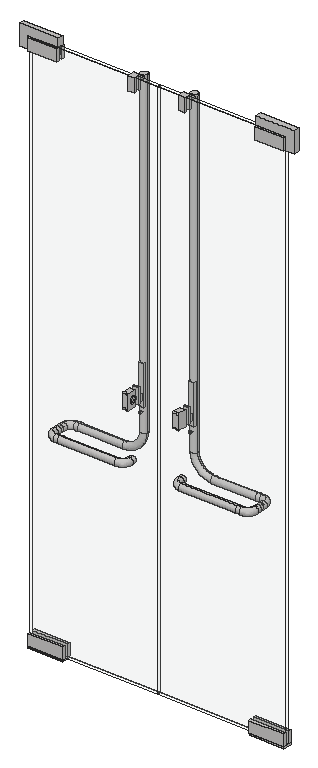
Revit family "Doors_Swing_Avanti_Systems_Pivot-Frameless-Pair-Swing-Door-Dbl-Glazed", category Doors, Revit 2015
Parameters (values of type "Load Family Type Catalog")
  Youtube clip = ""
  Weight Net (Kg) = "0"
  Warranty = "1 year"  # constant formula
  Uniformat II Description = "Interior Doors"
  Uniformat II Code = "C1020"
  Uniclass 2015 Name = "Doors and windows"
  Uniclass 2015 Code = "EF_25_30"
  Uniclass 2.0 Description = ""
  Uniclass 2.0 Code = ""
  Uniclass 1.4 Description = "Doors"
  Uniclass 1.4 Code = "JL20"
  URL = "https://www.avantisystemsusa.com"
  UNSPSC Code = "30171504"
  Type = 2
  Thickness = if(Type = 1, 1/2", if(Type = 2, 3/4", if(Type = 3, 3/8", if(Type = 4, 7/16", 9/16"))))  # 3/4"
  Technical description = ""
  Sound Rating = 0
  Region South America = "All"
  Region Oceania = "All"
  Region North America = "All"
  Region Middle East = "All"
  Region Europe = "All"
  Region Asia = "All"
  Region Antarctica = "All"
  Region Africa = "All"
  Recessed Floor Closer [instance] = yes
  QR code = "http://bimobject.com/avantisystems/product/avanti-pivot-frameless-swing-door"
  Product url = "https://www.avantisystemsusa.com/glass-products/doors/pivot-doors-hinged-doors/single-glazed-frameless/"
  Product group = "Pivot Frameless Swing"
  Product family = "Pivot & Hinged Doors"
  Product data url = "https://bimobject.com/avantisystems/product/avanti-pivot-frameless-swing-door"
  Product certification = ""
  Product SKU = "avanti-pivot-frameless-swing-door"
  Product Guid = "3a11851e-372f-40ff-a97e-0ea9b5931639"
  Power = 110 V  # constant formula
  Panel Width [instance] = (Opening Width / 2) - 93/128"  # 23.65513"
  Opening Width [instance] = 48.76338"
  OmniClass Description = "Wood Doors"
  OmniClass Code = "23-17 11 15"
  Nominal width = 0"
  Nominal height = 0"
  NBS Reference Description = ""
  NBS Reference Code = ""
  Model = "Pivot Frameless Swing Door"  # constant formula
  Material secondary = "Aluminium"
  Material main = "Glass"
  Masterformat 2014 Description = "Wood Doors"
  Masterformat 2014 Code = "08 14 00"
  Manufacturer name = "Avanti Systems"
  Manufacturer country = ""
  Manufacturer = "Avanti Systems USA"  # constant formula
  Lock = "Thumb turn floor lock with a key"
  Ladder Pull Height [instance] = 18"
  LEED compatibility = "YES"
  Installation instructions = ""
  IFC Classification = "Door"
  Height [instance] = 103 3/8"
  Hardware material [instance] = Stainless Steel - Avanti- Brushed Finish
  Handle type [instance] = Handle : Panic Device
  Handle Height [instance] = Height  # 103 3/8"
  Glazing = "Safety Glazing SGCC"
  Glass Width [instance] = 48.38838"
  Glass Material = Glass - Avanti -  Clear Tempered
  Glass Marker = yes
  Glass Height [instance] = 103"
  Function = Interior
  Edition number = 1
  EAN code = ""
  Design country = "United States"
  Description = "The Pivot Frameless Glass Swing Door is our luxury glass door solution that is completely customizable and is compatible with every partition system we offer as well as solid traditional walls."  # constant formula
  Date of publishing = ""
  Clear Anodic Finish = "available"  # constant formula
  COBIe Type Category = ""
  Brand url = "http://www.avantisystemsusa.com/"
  BIMobject main category code = "doors"
  BIMobject main category = "Doors"
  BIMobject category code = "doors-swing"
  BIMobject category = "Swing"
  Analytic Construction = "<None>"
  Acoustic performance (dB) = 43  # constant formula
Reference planes (in)
  plane 1 "Center (Front/Back)": y = 0
  plane 2: z = 0
  plane 3 "Center (Left/Right)": x = 3.24894
  plane 4: x = -21.13275
  plane 5: x = 27.63063
  plane 6 "Top": z = 103.375
  plane 7 "Curtain_wall_center": y = 1.30859
  plane 8 "Curtain_wall_exterior": y = 1.68359
  plane 9 "Curtain_wall_interior": y = 0.93359
  plane 10 "Handle_placement_level": x = 0.74894
  plane 11: z = 1.5625
  plane 12: x = 29.19313
  plane 13: x = -22.69525
  plane 14: x = 5.74894
  plane 15: x = 3.24894
  plane 16: z = 103.1875
  plane 17: x = 27.44313
  plane 18: x = -20.94525
  plane 19: z = 0.1875
  plane 20: x = 15.34604
  plane 21: x = -8.84815
  plane 22: z = 51.6875
Forms (in)
  Extrusion 1, solid, material "Glass - Avanti -  Clear Tempered" <- "Glass Material"
    sketch origin (0, -1.125, 0) x (1, 0, 0) y (0, 1, 0)
      loop
        line (-20.94525, 2.80859) -> (-20.94525, 2.05859) -> (3.24894, 2.05859) -> (3.24894, 2.80859) -> (-20.94525, 2.80859)
    from 0.1875 to 103.1875
  Extrusion 2, solid, material "Glass - Avanti -  Clear Tempered" <- "Glass Material"
    sketch origin (6.49788, -2.54297, 0) x (-1, 0, 0) y (0, -1, 0)
      loop
        line (-20.94525, -4.22656) -> (3.24894, -4.22656) -> (3.24894, -3.47656) -> (-20.94525, -3.47656) -> (-20.94525, -4.22656)
    from 0.1875 to 103.1875
Lines and regions (in)
  Masking region 1
    outline origin (3.24894, 0, 0) x (0, 1, 0) y (0, 0, 1)
      loop
        line (1.68359, 103.1875) -> (0.93359, 103.1875) -> (0.93359, 0.1875) -> (1.68359, 0.1875) -> (1.68359, 103.1875)
  symbolic lines, style "0", not visible
    curve 1: circle (20.74894, 4.89891, 0) r 0.39445 normal (0, 0, 1)
    curve 2: line (20.43894, 4.65501, 0) -> (20.43894, 2.625, 0)
    curve 3: line (21.06195, 4.65887, 0) -> (21.06195, 2.625, 0)
    curve 4: circle (20.74894, -0.14891, 0) r 0.39445 normal (0, 0, -1)
    curve 5: line (20.43894, 0.09499, 0) -> (20.43894, 2.125, 0)
    curve 6: line (21.06195, 0.09113, 0) -> (21.06195, 2.125, 0)
  symbolic lines, style "0"
    curve 7: line (-21.13275, 0.93359, 0) -> (27.63063, 0.93359, 0)
    curve 8: line (27.63063, 0.93359, 0) -> (27.63063, 1.68359, 0)
    curve 9: line (-21.13275, 1.68359, 0) -> (27.63063, 1.68359, 0)
    curve 10: line (3.24894, 1.68359, 103.375) -> (3.24894, 0.93359, 103.375)
    curve 11: line (3.24894, 1.68359, 0.1875) -> (3.24894, 1.68359, 103.1875)
    curve 12: line (3.24894, 2.13853, 0) -> (3.24894, 1.84275, 0)
    curve 13: line (3.24894, 0.93359, 0.1875) -> (3.24894, 0.93359, 103.1875)
    curve 14: line (3.24894, 1.68359, 0.1875) -> (3.24894, 0.93359, 0.1875)
    curve 15: line (3.24894, 1.68359, 0) -> (3.24894, 0.93359, 0)
    curve 16: line (-21.13275, 1.68359, 0) -> (-21.13275, 0.93359, 0)
  symbolic lines, visible <- "Glass Marker"
    curve 17: line (12.51761, -0.24998, 48.85907) -> (18.17446, -0.24998, 54.51593)
    curve 18: line (15.34604, -0.24998, 49.83954) -> (17.19399, -0.24998, 51.6875)
    curve 19: line (13.49808, -0.24998, 51.6875) -> (15.34604, -0.24998, 53.53546)
    curve 27: line (-11.67658, -0.24998, 48.85907) -> (-6.01973, -0.24998, 54.51593)
    curve 28: line (-8.84815, -0.24998, 49.83954) -> (-7.0002, -0.24998, 51.6875)
    curve 29: line (-10.69611, -0.24998, 51.6875) -> (-8.84815, -0.24998, 53.53546)
  symbolic lines, not visible
    curve 20: line (13.49808, 0.25002, 51.6875) -> (17.19399, 0.25002, 51.6875)
    curve 25: line (-1.84534, 0.25002, 22.66367) -> (1.85057, 0.25002, 22.66367)
    curve 30: line (-10.69611, 0.25002, 51.6875) -> (-7.0002, 0.25002, 51.6875)
    curve 35: line (-1.84534, 0.25002, 22.66367) -> (1.85057, 0.25002, 22.66367)
  model lines, not visible
    curve 21: line (15.34604, 0.25002, 49.83954) -> (15.34604, 0.25002, 53.53546)
    curve 26: line (0.00262, 0.25002, 20.81572) -> (0.00262, 0.25002, 24.51163)
    curve 31: line (-8.84815, 0.25002, 49.83954) -> (-8.84815, 0.25002, 53.53546)
    curve 36: line (0.00262, 0.25002, 20.81572) -> (0.00262, 0.25002, 24.51163)
  symbolic lines, visible <- "Glass Marker", not visible
    curve 22: line (-2.82581, -0.24998, 19.83525) -> (2.83104, -0.24998, 25.4921)
    curve 23: line (0.00262, -0.24998, 20.81572) -> (1.85057, -0.24998, 22.66367)
    curve 24: line (-1.84534, -0.24998, 22.66367) -> (0.00262, -0.24998, 24.51163)
    curve 32: line (-2.82581, -0.24998, 19.83525) -> (2.83104, -0.24998, 25.4921)
    curve 33: line (0.00262, -0.24998, 20.81572) -> (1.85057, -0.24998, 22.66367)
    curve 34: line (-1.84534, -0.24998, 22.66367) -> (0.00262, -0.24998, 24.51163)
  symbolic lines, style "DoorsHiddenLines"
    curve 37: line (3.24894, 0, 103.1875) -> (-20.94525, 0, 51.6875)
    curve 38: line (-20.94525, 0, 51.6875) -> (3.24894, 0, 0.1875)
    curve 39: line (-20.21716, 1.30859, 0) -> (-20.21716, 24.96372, 0)
    curve 40: arc (-20.21716, 24.96372, 0) -> (-3.75562, 18.14513, 0) -> (3.06297, 1.68359, 0) r 23.28013
    curve 41: line (26.71504, 1.30859, 0) -> (26.71504, 24.96372, 0)
    curve 42: arc (26.71504, 24.96372, 0) -> (10.2535, 18.14513, 0) -> (3.43491, 1.68359, 0) r 23.28013
    curve 43: line (3.24894, 0, 103.1875) -> (27.44313, 0, 51.6875)
    curve 44: line (27.44313, 0, 51.6875) -> (3.24894, 0, 0.1875)
Text (in)
  text "Exterior" at (-45.72835, 31.38743, 0), in view "Ref. Level"
Dimensions and locks (in)
  equal spacing: plane 4, plane 3 "Center (Left/Right)", plane 5
  equal spacing: plane 8 "Curtain_wall_exterior", plane 7 "Curtain_wall_center", plane 9 "Curtain_wall_interior"
  "Thickness": plane 8 "Curtain_wall_exterior" to plane 9 "Curtain_wall_interior"
  "Opening Width": plane 4 to plane 5
  curve 11 to curve 13 = 3/4"
  Extrusion 1 to Extrusion 1 = 3/4"
  plane 11 to plane 2 = 1 9/16"
  plane 2 to plane 11 = 1 9/16"
  locked: plane 5 to plane 12 at 1.5625
  locked: plane 13 to plane 4 at 1.5625
  Extrusion 2 to Extrusion 2 = 3/4"
  equal spacing: plane 4, plane 15, plane 5
  locked: plane 14 to plane 15 at 2.5
  locked: plane 15 to plane 10 "Handle_placement_level" at 2.5
  nested 2 to plane 8 "Curtain_wall_exterior" = 1/8"
  nested 1 to plane 8 "Curtain_wall_exterior" = 1/8"
  "Height": plane 2 to plane 6 "Top"
  locked: plane 17 to plane 5 at 0.1875
  locked: plane 4 to plane 18 at 0.1875
  locked: plane 16 to plane 6 "Top" at 0.1875
  locked: plane 2 to plane 19 at 0.1875
  equal spacing: plane 15, plane 20, plane 17
  equal spacing: plane 15, plane 21, plane 18
  equal spacing: plane 19, plane 22, plane 16
  "Glass Width": plane 18 to plane 17
  "Glass Height": plane 19 to plane 16
  locked: plane 18 to curve 39 at 0.72809
  "Panel Width": plane 7 "Curtain_wall_center" to curve 39
  locked: curve 40 to plane 15 at 0.18597
  locked: curve 41 to plane 17 at 0.72809
  "Panel Width": plane 7 "Curtain_wall_center" to curve 41
  locked: plane 15 to curve 42 at 0.18597
  locked: plane 1 "Center (Front/Back)" to plane 7 "Curtain_wall_center" at 1.30859
  aligned and locked: level to plane 2
  aligned and locked: curve 8 to plane 5
  aligned and locked: nested 1 to plane 5
  aligned and locked: nested 2 to plane 4
  aligned and locked: Extrusion 2 to plane 15
  aligned and locked: plane 15 to Extrusion 1
  aligned and locked: curve 15 to plane 15
  aligned and locked: plane 8 "Curtain_wall_exterior" to curve 15
  aligned and locked: plane 4 to curve 9
  aligned and locked: plane 9 "Curtain_wall_interior" to curve 16
  aligned and locked: nested 2 to plane 6 "Top"
  aligned and locked: plane 6 "Top" to nested 1
  aligned and locked: plane 9 "Curtain_wall_interior" to curve 15
  aligned and locked: nested 5 to plane 2
  aligned and locked: Extrusion 2 to plane 16
  aligned and locked: Extrusion 2 to plane 17
  aligned and locked: Extrusion 2 to plane 19
  aligned and locked: Extrusion 1 to plane 19
  aligned and locked: plane 18 to Extrusion 1
  aligned and locked: Extrusion 1 to plane 16
  aligned and locked: plane 16 to nested 3
  aligned and locked: nested 4 to plane 16
  aligned and locked: plane 16 to nested 7
  aligned and locked: plane 17 to nested 7
  aligned and locked: plane 18 to nested 8
  aligned and locked: nested 8 to plane 16
  aligned and locked: plane 17 to nested 5
  aligned and locked: plane 22 to curve 20
  aligned and locked: plane 20 to curve 21
  aligned and locked: plane 22 to curve 30
  aligned and locked: plane 21 to curve 31
  aligned and locked: curve 14 to plane 19
  aligned and locked: plane 2 to nested 6
  aligned and locked: plane 18 to nested 6  (x2)
  aligned and locked: plane 16 to curve 37
  aligned and locked: plane 19 to curve 38
  aligned and locked: plane 19 to nested 5
  aligned and locked: plane 22 to curve 38
  aligned and locked: Masking region 1 sketch curve to plane 8 "Curtain_wall_exterior"
  aligned and locked: Masking region 1 sketch curve to plane 9 "Curtain_wall_interior"
  aligned and locked: plane 16 to Masking region 1 sketch curve
  aligned and locked: plane 19 to Masking region 1 sketch curve
  aligned and locked: plane 16 to curve 11
  aligned and locked: plane 16 to curve 13
  aligned and locked: plane 7 "Curtain_wall_center" to curve 39
  aligned and locked: curve 39 to curve 40
  aligned and locked: plane 7 "Curtain_wall_center" to curve 41
  aligned and locked: curve 41 to curve 42
  aligned and locked: plane 7 "Curtain_wall_center" to nested 1
  aligned and locked: plane 15 to curve 37
  aligned and locked: plane 18 to curve 37
  aligned and locked: plane 15 to curve 44
  aligned and locked: plane 17 to curve 43
  aligned and locked: nested 3 to plane 14
  aligned and locked: plane 10 "Handle_placement_level" to nested 4
  aligned and locked: plane 17 to nested 10
  aligned and locked: plane 2 to nested 10
  aligned and locked: plane 18 to nested 9
  aligned and locked: nested 9 to plane 2
  aligned and locked: nested 11 to plane 7 "Curtain_wall_center"
  aligned and locked: nested 11 to plane 2
  aligned and locked: plane 7 "Curtain_wall_center" to nested 2
Automatic sketch dimensions
  curve 13 to plane 9 "Curtain_wall_interior" = 0"
  plane 6 "Top" to curve 10 = 0"
  curve 10 to plane 9 "Curtain_wall_interior" = 0"
  curve 11 to plane 8 "Curtain_wall_exterior" = 0"
  curve 12 to level = 0"
  plane 8 "Curtain_wall_exterior" to curve 12 = 0.15916"
  curve 12 to curve 12 = 0.29578"
  curve 10 to plane 8 "Curtain_wall_exterior" = 0"
  Extrusion 1 sketch curve to plane 9 "Curtain_wall_interior" = 0"
  Extrusion 1 sketch curve to plane 18 = 0"
  Extrusion 1 sketch curve to plane 3 "Center (Left/Right)" = 0"
  Extrusion 1 sketch curve to plane 8 "Curtain_wall_exterior" = 0"
  Extrusion 2 sketch curve to plane 9 "Curtain_wall_interior" = 0"
  Extrusion 2 sketch curve to plane 17 = 0"
  plane 3 "Center (Left/Right)" to Extrusion 2 sketch curve = 0"
  Extrusion 2 sketch curve to plane 8 "Curtain_wall_exterior" = 0"
  curve 44 to plane 22 = 0"
Nested families (in)
  nested 1: "Pivot Door Top Free Swing Patch Fitting" at (18.12971, 0.80859, 103.375) x (-1, 0, 0) z (0, 1, 0), type "Pivot Door Top Free Swing Patch Fitting"
  nested 2: "Pivot Door Top Free Swing Patch Fitting" at (-11.63183, 0.80859, 103.375) x (1, 0, 0) z (0, 1, 0), type "Pivot Door Top Free Swing Patch Fitting"
  nested 3: "Handle" at (7.37394, 3.05859, 37.8125) x (-1, 0, 0) z (0, 1, 0), type <- "Handle type", type "Panic Device", detail levels medium+fine
    with Locker yes, Width 23.65513", Thickness 3/4", Height 103 3/8"
  nested 4: "Handle" at (-0.87606, 3.05859, 37.8125) x (1, 0, 0) z (0, 1, 0), type <- "Handle type", type "Panic Device", detail levels medium+fine
    with Locker yes, Width 23.65513", Thickness 3/4", Height 103 3/8"
  nested 5: "Pivot Door Bottom Free Swing Pivot Option" at (27.44313, 1.68359, 0) x (-1, 0, 0) z (0, 1, 0), Glass Thickness Control <- "Thickness", Product Material <- "Hardware material", Recessed Floor Closer <- "Recessed Floor Closer", type "Glass Thickness 8.0 mm"
    with Recessed Floor Closer yes, Product Material Stainless Steel - Avanti- Brushed Finish, Glass Thickness Control 3/4"
  nested 6: "Pivot Door Bottom Free Swing Pivot Option" at (-20.94525, 1.68359, 0) x (1, 0, 0) z (0, 1, 0), Glass Thickness Control <- "Thickness", Product Material <- "Hardware material", Recessed Floor Closer <- "Recessed Floor Closer", type "Glass Thickness 8.0 mm"
    with Recessed Floor Closer yes, Product Material Stainless Steel - Avanti- Brushed Finish, Glass Thickness Control 3/4"
  nested 7: "Pivot Door Top Free Swing Pivot" at (27.44313, 1.68359, 100.87254) x (-1, 0, 0) z (0, 1, 0), Glass Thickness Control <- "Thickness", Product Material <- "Hardware material", type "Glass Thickness 8.0 mm"
    with Product Material Stainless Steel - Avanti- Brushed Finish, Glass Thickness Control 3/4"
  nested 8: "Pivot Door Top Free Swing Pivot" at (-20.94525, 1.68359, 100.87254) x (1, 0, 0) z (0, 1, 0), Glass Thickness Control <- "Thickness", Product Material <- "Hardware material", type "Glass Thickness 8.0 mm"
    with Product Material Stainless Steel - Avanti- Brushed Finish, Glass Thickness Control 3/4"
  nested 9: "Recessed Floor Closer - Elevation" at (-18.87315, 0, 0.11624) x (1, 0, 0) z (0, -1, 0), visible <- "Recessed Floor Closer", type "Recessed Floor Closer - Elevation"
  nested 10: "Recessed Floor Closer - Elevation" at (25.37103, 0, 0.11624) x (-1, 0, 0) z (0, -1, 0), visible <- "Recessed Floor Closer", type "Recessed Floor Closer - Elevation"
  nested 11: "Recessed Floor Closer - Section" at (3.24894, 1.30859, 0) x (0, 1, 0) z (1, 0, 0), visible <- "Recessed Floor Closer", type "Recessed Floor Closer - Section"
Definition of nested family "Pivot Door Top Free Swing Patch Fitting"
  Parameters (values of type "Pivot Door Top Free Swing Patch Fitting")
    Material = none
    Default Elevation = 48"
  Reference planes (in)
    plane 1 "Center (Front/Back)": y = 0
    plane 2: z = 0
    plane 3 "Center (Left/Right)": x = 0
  Forms (in)
    Extrusion 1, solid, material <- "Material"
      sketch origin (5.75014, 73, 1.91797) x (0, -1, 0) y (1, 0, 0)
        loop
          line (73, -9.56356) -> (73, -15.25106) -> (70.64844, -15.25106) -> (70.64844, -16.81356) -> (74.5625, -16.81356) -> (74.5625, -9.56356) -> (73, -9.56356)
      from -1.91797 to -0.91797
  Lines and regions (in)
    reference lines
      curve 1: line (0, 2.35156, 0.5) -> (0, -5.14844, 0.5)
  Dimensions and locks (in)
    aligned and locked: level to plane 2
Definition of nested family "Handle"
  Parameters (values of type "48" Ladder Pull")
    Width = 54.28299"
    Type = 3
    Ladder Pool Height = 18"
    Ladder 60" = if(Type = 5, 1 = 1, 1 = 0)  # no
    Ladder = if(Type = 3, 1 = 1, 1 = 0)  # yes
    Thickness = 1/2"
    Panic hardware = if(Type = 4, 1 = 1, 1 = 0)  # no
    Material = none
    Locker [instance] = yes
    Height = 90 9/16"
    Glass door = if(Type = 2, 1 = 1, 1 = 0)  # no
    Framed door = if(Type = 1, 1 = 1, 1 = 0)  # no
    Default Elevation = 48"
  Types (3): name | Width | Type | Ladder 60" | Ladder | Panic hardware
    60" Ladder Pull | 54.28299" | 5 | yes | no | no
    Panic Device | 26.41493" | 4 | no | no | yes
    48" Ladder Pull | 54.28299" | 3 | no | yes | no
  Reference planes (in)
    plane 1 "Center (Front/Back)": y = 0
    plane 2: z = 0
    plane 3 "Center (Left/Right)": x = 0
    plane 4 "door_up": z = -1.375
    plane 5 "door_down": z = -1.875
    plane 6: z = -3.25
    plane 7: x = -1.25
    plane 8: x = -43.31449
    plane 9: x = -46.03299
    plane 10: x = -43.31449
    plane 11: y = 51.9375
    plane 12: y = 0.625
    plane 13: y = 11.125
    plane 14: y = 52.5625
    plane 15: y = -38
    plane 16: x = -50.15799
    plane 17 "door": x = 4.125
    plane 18: x = 1.625
    plane 19: y = -20
  Forms (in)
    Sweep 1, solid, material <- "Material", visible <- "Panic hardware"
      path origin (0, 0, 0) x (1, 0, 0) y (0, 1, 0)
        loop
          line (-1.25, 51.9375) -> (-1.25, 4.25)
          arc (-1.25, 4.25) -> (-2.12868, 2.12868) -> (-4.25, 1.25) r 3
          line (-4.25, 1.25) -> (-43.31449, 1.25)
      profile origin (-1.25, 28.09375, 0) x (1, 0, 0) y (0, 0, 1)
        loop
          circle (0.625, 0.625) r 0.625
    Sweep 2, solid, material <- "Material", visible <- "Panic hardware"
      path origin (0, 0, 0) x (1, 0, 0) y (0, 0, 1)
        loop
          line (-43.31449, 0) -> (-44.06449, 0)
          arc (-44.06449, 0) -> (-44.57255, -0.21044) -> (-44.78299, -0.7185) r 0.7185
          line (-44.78299, -0.7185) -> (-44.78299, -1.375)
      profile origin (-43.68949, 0, 0) x (0, 0, -1) y (0, -1, 0)
        loop
          circle (-0.625, -0.625) r 0.625
    Sweep 3, solid, material <- "Material", visible <- "Panic hardware"
      path origin (0, 0, -6.75) x (1, 0, 0) y (0, 0, -1)
        loop
          line (-43.31449, -3.5) -> (-44.06449, -3.5)
          arc (-44.06449, -3.5) -> (-44.57255, -3.71044) -> (-44.78299, -4.2185) r 0.7185
          line (-44.78299, -4.2185) -> (-44.78299, -4.875)
      profile origin (-43.68949, 0, -3.25) x (0, 0, -1) y (0, -1, 0)
        loop
          circle (0.625, -0.625) r 0.625
    Sweep 4, solid, material <- "Material", visible <- "Panic hardware"
      path origin (-30, 0, -6.75) x (-1, 0, 0) y (0, 0, -1)
        loop
          line (13.31449, -3.5) -> (-28.0315, -3.5)
          arc (-28.0315, -3.5) -> (-28.53956, -3.71044) -> (-28.75, -4.2185) r 0.7185
          line (-28.75, -4.2185) -> (-28.75, -4.875)
      profile origin (-22.6415, 0, -3.25) x (0, 0, 1) y (0, -1, 0)
        loop
          circle (-0.625, -0.625) r 0.625
  Cuts and joins
    joined: Sweep 1, Sweep 2
    joined: Sweep 3, Sweep 4
  Dimensions and locks (in)
    "Thickness": plane 5 "door_down" to plane 4 "door_up"
    locked: plane 3 "Center (Left/Right)" to plane 7 at 1.25
    locked: plane 9 to plane 8 at 2.7185
    locked: plane 9 to Sweep 3 sketch curve at 1.25
    locked: Sweep 2 sketch curve to plane 9 at 1.25
    locked: plane 10 to plane 9 at 2.7185
    locked: Sweep 1 sketch curve to plane 1 "Center (Front/Back)" at 1.25
    locked: plane 3 "Center (Left/Right)" to nested 1 at 0.125
    locked: plane 4 "door_up" to plane 2 at 1.375
    locked: plane 6 to plane 5 "door_down" at 1.375
    locked: plane 12 to plane 1 "Center (Front/Back)" at 0.625
    locked: plane 13 to plane 12 at 10.5
    locked: plane 14 to plane 11 at 0.625
    "Height": plane 14 to plane 15
    locked: plane 1 "Center (Front/Back)" to plane 15 at 38
    locked: plane 3 "Center (Left/Right)" to plane 17 "door" at 4.125
    "Width": plane 16 to plane 17 "door"
    locked: plane 16 to plane 10 at 6.8435
    locked: plane 18 to plane 17 "door" at 2.5
    "Ladder Pool Height": plane 19 to plane 15
    aligned and locked: level to plane 2
    aligned and locked: plane 4 "door_up" to cut or joined group of Sweep 1, Sweep 2
    aligned and locked: Sweep 2 sketch curve to plane 4 "door_up"
    aligned and locked: Sweep 3 sketch curve to plane 5 "door_down"
    aligned and locked: plane 6 to Sweep 3 sketch curve
    aligned and locked: plane 7 to Sweep 4 sketch curve
    aligned and locked: Sweep 4 sketch curve to plane 6
    aligned and locked: plane 8 to Sweep 4 sketch curve
    aligned and locked: plane 8 to Sweep 3 sketch curve
    aligned and locked: plane 10 to Sweep 2 sketch curve
    aligned and locked: plane 10 to Sweep 1 sketch curve
    aligned and locked: plane 11 to Sweep 1 sketch curve
    aligned and locked: plane 5 "door_down" to Sweep 4 sketch curve
    aligned and locked: nested 1 to plane 4 "door_up"
    aligned and locked: plane 13 to nested 1
    aligned and locked: nested 2 to plane 4 "door_up"
    aligned and locked: plane 3 "Center (Left/Right)" to nested 2
    aligned and locked: nested 2 to plane 11
    aligned and locked: nested 2 to plane 14
    aligned and locked: plane 18 to nested 3
    aligned and locked: plane 1 "Center (Front/Back)" to nested 3
    aligned and locked: nested 4 to plane 18
    aligned and locked: nested 4 to plane 1 "Center (Front/Back)"
    aligned and locked: nested 5 to plane 4 "door_up"
    aligned and locked: nested 5 to plane 17 "door"
    aligned and locked: nested 5 to plane 1 "Center (Front/Back)"
    aligned and locked: nested 6 to plane 4 "door_up"
    aligned and locked: plane 5 "door_down" to nested 7
    aligned and locked: nested 7 to plane 19
    aligned and locked: plane 19 to nested 6
    aligned and locked: nested 6 to plane 18
    aligned and locked: nested 7 to plane 18
    aligned and locked: plane 4 "door_up" to nested 8
    aligned and locked: plane 15 to nested 8
    aligned and locked: plane 5 "door_down" to nested 9
    aligned and locked: nested 9 to plane 15
    aligned and locked: plane 18 to nested 8
    aligned and locked: plane 18 to nested 9
  Nested families (in)
    nested 1: "Family2" at (-1.125, 11.125, 0.22234), visible <- "Panic hardware", type "Family2"
      with Lock yes
    nested 2: "Family3" at (-0.26102, 51.9375, -1.63602), visible <- "Panic hardware", type "Family3"
      with Thickness 1/2"
    nested 3: "Handle Timber" at (1.625, 0, -1.875), Locker <- "Locker", visible <- "Framed door", type "Handle Timber"
      with Locker yes
    nested 4: "Handle Timber" at (1.625, 0, -1.375) x (1, 0, 0) z (0, 0, -1), Locker <- "Locker", visible <- "Framed door", type "Handle Timber"
      with Locker yes
    nested 5: "Hinged Framed Swing locker" at (3.22214, -1.5625, -5.625), Handle and assembly material <- "Material", visible <- "Glass door", type "Hinged Framed Swing locker"
      with Handle and assembly material none
    nested 6: "Handle_For-Glass_Rounded_600mm" at (1.625, 13.36577, -1.375) x (-1, 0, 0) z (0, 0, -1), Handle Material <- "Material", visible <- "Ladder", type "Handle_For-Glass_Rounded_600mm"
      with Handle Material none, Handle Height 48"
    nested 7: "Handle_For-Glass_Rounded_600mm" at (1.625, -5.36577, -1.875) x (-1, 0, 0) z (0, 0, 1), Handle Material <- "Material", visible <- "Ladder", type "Handle_For-Glass_Rounded_600mm"
      with Handle Material none, Handle Height 48"
    nested 8: "Handle_For-Glass_Rounded_60in" at (1.625, 2.47039, -1.375), visible <- "Ladder 60"", Handle Material <- "Material", type "60""
      with No locker yes, Locker no, Handle Material none, Handle Height 60"
    nested 9: "Handle_For-Glass_Rounded_60in2" at (1.625, 2.47039, -1.875), visible <- "Ladder 60"", Handle Material <- "Material", type "60""
      with No locker no, Locker yes, Handle Material none, Handle Height 60"
  Definition of nested family "Family2"
    Parameters (values of type "Family2")
      Thickness = 1/2"
      Material = none
      Lock = no
    Reference planes (in)
      plane 1 "Center (Front/Back)": y = 0
      plane 2: z = 0
      plane 3 "Center (Left/Right)": x = 0
      plane 4: z = -2.09734
      plane 5: z = -1.59734
    Forms (in)
      Extrusion 1, solid, material <- "Material"
        sketch origin (0, 0, 0) x (0, 1, 0) y (0, 0, 1)
          loop
            line (5.04078, -0.345) -> (5.04078, 0) -> (-2.39922, 0) -> (-2.39922, -0.345) -> (5.04078, -0.345)
        from 0 to 1
      Extrusion 2, solid, material <- "Material"
        sketch origin (0, 0, 0) x (0, 1, 0) y (0, 0, 1)
          loop
            line (-0.3074, -0.345) -> (-1.4374, -0.345) -> (-1.4374, -1.31734) -> (-0.3074, -1.31734) -> (-0.3074, -0.345)
        from 0.32565 to 0.66353
      Extrusion 3, solid, material <- "Material"
        sketch origin (0, 0, 0) x (0, 1, 0) y (0, 0, 1)
          loop
            line (-1.4374, -1.31734) -> (-1.4374, -1.59734) -> (1.43807, -1.59734) -> (1.43807, -1.31734) -> (-1.4374, -1.31734)
          loop
            line (1.45803, -2.09734) -> (-1.41697, -2.09734) -> (-1.41697, -3.82961)
            arc (-1.41697, -3.82961) -> (-1.36191, -3.96254) -> (-1.22897, -4.01761) r 0.188
            line (-1.22897, -4.01761) -> (1.27003, -4.01761)
            arc (1.27003, -4.01761) -> (1.40297, -3.96254) -> (1.45803, -3.82961) r 0.188
            line (1.45803, -3.82961) -> (1.45803, -2.09734)
        from 0 to 1
      Extrusion 4, solid, material <- "Material"
        sketch origin (0, 0, 0) x (0, 1, 0) y (0, 0, 1)
          loop
            arc (-3.2641, -0.65221) -> (-3.242, -0.64306) -> (-3.23285, -0.62096) r 0.03125
            line (-3.23285, -0.62096) -> (-3.23285, 0) -> (-3.4516, 0) -> (-3.4516, -0.62096)
            arc (-3.4516, -0.62096) -> (-3.44244, -0.64306) -> (-3.42035, -0.65221) r 0.03125
            line (-3.42035, -0.65221) -> (-3.2641, -0.65221)
        from 0.32565 to 0.66353
      Extrusion 5, solid, material <- "Material", visible <- "Lock"
        sketch origin (1, 0, 0) x (0, 1, 0) y (0, 0, 1)
          loop
            circle (0.20853, -3.12734) r 0.58
          loop
            circle (0.20853, -3.12734) r 0.5625
          loop
            circle (-0.07272, -3.12734) r 0.22671
        from 0 to 0.25
      Extrusion 6, solid, material <- "Material", visible <- "Lock"
        sketch origin (1, 0, 0) x (0, 1, 0) y (0, 0, 1)
          loop
            circle (0.20853, -3.12734) r 0.5625
        from 0 to 0.20472
      Extrusion 7, solid, material <- "Material", visible <- "Lock", not visible
        sketch origin (1, 0, 0) x (0, 1, 0) y (0, 0, 1)
          loop
            circle (0.20853, -3.12734) r 0.58
          loop
            circle (0.20853, -3.12734) r 0.5625
          loop
            circle (-0.07272, -3.12734) r 0.22671
        from 0 to 0.25
      Extrusion 8, solid, material <- "Material", visible <- "Lock", not visible
        sketch origin (1, 0, 0) x (0, 1, 0) y (0, 0, 1)
          loop
            circle (0.20853, -3.12734) r 0.5625
        from 0 to 0.20472
    Lines and regions (in)
      model lines, not visible
        curve 1: line (0, -0.35397, -3.12734) -> (0, 0.39603, -3.12734)
        curve 2: line (0, -0.35397, -3.12734) -> (0, 0.39603, -3.12734)
    Dimensions and locks (in)
      "Thickness": plane 4 to plane 5
      locked: plane 5 to plane 2 at 1.59734
      aligned and locked: level to plane 2
      aligned and locked: plane 5 to Extrusion 3 sketch curve
      aligned and locked: Extrusion 3 sketch curve to Extrusion 2
      aligned and locked: Extrusion 3 sketch curve to plane 4
  Definition of nested family "Family3"
    Parameters (values of type "Family3")
      Thickness = 0.50125"
      Material = none
    Reference planes (in)
      plane 1 "Center (Front/Back)": y = 0
      plane 2: z = 0
      plane 3 "Center (Left/Right)": x = 0
      plane 4: z = 0.26102
      plane 5: z = -0.24023
    Forms (in)
      Extrusion 1, solid, material <- "Material"
        sketch origin (-0.98898, 0.625, 0.26102) x (0, 0, -1) y (0, 1, 0)
          loop
            line (-0.28125, 0.125) -> (-0.28125, -2.375) -> (0, -2.375) -> (0, 0) -> (0.50125, 0) -> (0.50125, -2.37518) -> (0.78125, -2.37518) -> (0.78125, 0.125) -> (-0.28125, 0.125)
        from 0 to 1.25
      Revolve 2, solid, material <- "Material"
        sketch origin (-0.36398, 0.615, 0.26102) x (0, 0, -1) y (0, 1, 0)
          loop
            line (-0.28125, -0.615) -> (-1.5092, -0.615) -> (-1.5092, -0.995) -> (-0.28125, -0.995) -> (-0.28125, -0.615)
          axis (-1.5092, -0.995) -> (-0.28125, -0.995)
        angle from 0 to 360
    Dimensions and locks (in)
      "Thickness": plane 4 to plane 5
      locked: Extrusion 1 to plane 4 at 0.28125
      locked: plane 5 to Extrusion 1 at 0.28
      aligned and locked: level to plane 2
      aligned and locked: Extrusion 1 to plane 4
      aligned and locked: plane 5 to Extrusion 1
  Definition of nested family "Handle Timber"
    Parameters (values of type "Handle Timber")
      Locker [instance] = yes
      Handle material = none
      Default Elevation = 48"
    Reference planes (in)
      plane 1 "Center (Front/Back)": y = 0
      plane 2: z = 0
      plane 3 "Center (Left/Right)": x = 0
    Forms (in)
      Extrusion 1, solid, material <- "Handle material"
        sketch origin (0, 0.00944, 0.00975) x (-1, 0, 0) y (0, -1, 0.00026)
          loop
            line (0.82036, -6.01526) -> (0.82036, -4.11121)
            arc (0.82036, -4.11121) -> (0, -3.29085) -> (-0.82036, -4.11121) r 0.82036
            line (-0.82036, -4.11121) -> (-0.82036, -6.01526)
            arc (-0.82036, -6.01526) -> (0, -6.83563) -> (0.82036, -6.01526) r 0.82036
          loop
            line (0.82036, -0.95129) -> (0.82036, 0.95276)
            arc (0.82036, 0.95276) -> (0, 1.77313) -> (-0.82036, 0.95276) r 0.82036
            line (-0.82036, 0.95276) -> (-0.82036, -0.95129)
            arc (-0.82036, -0.95129) -> (0, -1.77165) -> (0.82036, -0.95129) r 0.82036
        from -0.36 to -0.00798
      Sweep 2, solid, material <- "Handle material"
        path origin (0, 0.00944, 0.00975) x (-1, 0, 0) y (0, 0.00026, 1)
          loop
            line (0.00372, -0.36) -> (0.00372, -2.13165)
            arc (0.00372, -2.13165) -> (0.19244, -2.58727) -> (0.64805, -2.77599) r 0.64433
            line (0.64805, -2.77599) -> (4.19136, -2.77599)
            arc (4.19136, -2.77599) -> (4.78191, -2.53137) -> (5.02652, -1.94082) r 0.83517
            line (5.02652, -1.94082) -> (5.02652, -0.63757)
        profile origin (-0.00372, 0.00911, -1.23607) x (-1, 0, 0) y (0, 1, -0.00026)
          loop
            circle (0, 0) r 0.3937
      Extrusion 3, solid, material <- "Handle material", visible <- "Locker"
        sketch origin (0, 0.00944, 0.00975) x (-1, 0, 0) y (0, -1, 0.00026)
          loop
            line (0.82009, 4.11958) -> (0.82408, 6.02363)
            arc (0.82408, 6.02363) -> (0.00543, 6.84571) -> (-0.81665, 6.02706) r 0.82036
            line (-0.81665, 6.02706) -> (-0.82063, 4.12301)
            arc (-0.82063, 4.12301) -> (-0.00199, 3.30093) -> (0.82009, 4.11958) r 0.82036
        from -0.36 to -0.01061
    Lines and regions (in)
      reference lines
        curve 1: line (0, 6.84506, 0) -> (0, -6.83627, 0)
        curve 2: line (-5.42022, 0.00893, 0) -> (0.82036, 0.00893, 0)
    Dimensions and locks (in)
      aligned and locked: level to plane 2
  Definition of nested family "Hinged Framed Swing locker"
    Parameters (values of type "Hinged Framed Swing locker")
      Thickness = 1/2"
      Lock = yes
      Handle and assembly material [instance] = none
    Reference planes (in)
      plane 1 "Center (Front/Back)": y = 0
      plane 2: z = 0
      plane 3 "Center (Left/Right)": x = 0
      plane 4: y = 0.59375
      plane 5: y = -0.59375
      plane 6: x = -1
      plane 7: x = 1
      plane 8: y = 0.25
      plane 9: y = -0.25
      plane 10: x = 1.5
      plane 11: z = 8
      plane 12: z = 4.6875
      plane 13: z = 3.6875
      plane 14: z = 3.125
      plane 15: x = 1.38539
      plane 16: z = 2.79297
      plane 17: y = 0.25
      plane 18: y = -0.25
      plane 19: x = 0.90286
      plane 20: z = 6.0625
      plane 21: y = -0.84375
      plane 22: y = -0.80275
      plane 23 "handle_center": z = 2.4375
      plane 24: x = -4.375
      plane 25: y = -1.23355
      plane 26: z = 2.69544
      plane 27: z = 2.17956
      plane 28: y = -2.05222
      plane 29: y = -2.71875
      plane 30: z = 2.69544
      plane 31: z = 2.17956
      plane 32: z = 4.25
      plane 33: z = 3.75
      plane 34: z = 4
    Forms (in)
      Extrusion 1, solid, material <- "Handle and assembly material"
        sketch origin (0, -4, 4) x (1, 0, 0) y (0, 0, -1)
          loop
            line (-1, 0.59375) -> (-1, 0.25) -> (0.90286, 0.25) -> (0.90286, -0.25) -> (-1, -0.25) -> (-1, -0.59375) -> (1, -0.59375) -> (1, 0.59375) -> (-1, 0.59375)
        from 0 to 8
      Extrusion 2, solid, material <- "Handle and assembly material", detail levels fine
        sketch origin (0, -4, 4) x (1, 0, 0) y (0, 0, -1)
          loop
            line (1, 0.25) -> (1, -0.25)
            arc (1, -0.25) -> (1.27121, -0.02121) -> (1.5, 0.25) r 2.09856
            line (1.5, 0.25) -> (1, 0.25)
        from 3.6875 to 4.6875
      Extrusion 3, solid, material <- "Handle and assembly material", detail levels fine
        sketch origin (0, -4, 4) x (1, 0, 0) y (0, 0, -1)
          loop
            line (1, 0.25) -> (1, -0.25)
            arc (1, -0.25) -> (1.0598, -0.20427) -> (1.0921, -0.13627) r 0.16012
            arc (1.0921, -0.13627) -> (1.11202, -0.10046) -> (1.14874, -0.08227) r 0.06897
            line (1.14874, -0.08227) -> (1.30312, -0.08227)
            arc (1.30312, -0.08227) -> (1.36129, -0.05818) -> (1.38539, 0) r 0.08227
            arc (1.38539, 0) -> (1.36129, 0.05818) -> (1.30312, 0.08227) r 0.08227
            line (1.30312, 0.08227) -> (1.14874, 0.08227)
            arc (1.14874, 0.08227) -> (1.11202, 0.10046) -> (1.0921, 0.13627) r 0.06897
            arc (1.0921, 0.13627) -> (1.0598, 0.20427) -> (1, 0.25) r 0.16012
        from 2.79297 to 3.125
      Extrusion 4, solid, material <- "Handle and assembly material", visible <- "Lock", detail levels medium+fine
        sketch origin (1, -4, 4.59375) x (-1, 0, 0) y (0, -1, 0)
          loop
            circle (1, -6.0625) r 0.63654
          loop
            circle (1, -6.0625) r 0.60041
        from 0 to 0.25
      Extrusion 5, solid, material <- "Handle and assembly material", visible <- "Lock", detail levels medium+fine
        sketch origin (1, -4, 4.59375) x (-1, 0, 0) y (0, -1, 0)
          loop
            circle (1, -6.0625) r 0.60041
        from 0 to 0.209
      Blend 6, solid, material <- "Handle and assembly material", visible <- "Lock", detail levels fine
        base sketch origin (1, -4, 4.80275) x (-1, 0, 0) y (0, -1, 0)
          loop
            circle (1, -5.84645) r 0.21605
        top sketch origin (1, -4, 4.80275) x (-1, 0, 0) y (0, -1, 0)
          loop
            circle (1, -5.84645) r 0.19257
        from 0 to 0.041
      Extrusion 7, solid, material <- "Handle and assembly material"
        sketch origin (1, -4, 4.59375) x (-1, 0, 0) y (0, -1, 0)
          loop
            circle (1, -2.4375) r 0.35547
        from 0 to 1.45847
      Extrusion 8, void
        sketch origin (0.04357, -4.04543, 4) x (0, 0, -1) y (-0.017452, 0.999848, 0)
          loop
            line (-1.23355, 2.79297) -> (-1.23355, 2.90667) -> (-2.86779, 2.90667) -> (-2.86779, 2.69544) -> (-1.36779, 2.69544)
            arc (-1.36779, 2.69544) -> (-1.28242, 2.71908) -> (-1.23355, 2.79297) r 0.12635
        from -3.60215 to 0.49573
      Extrusion 9, solid, material <- "Handle and assembly material"
        sketch origin (1, -4, 4.59375) x (-1, 0, 0) y (0, -1, 0)
          loop
            arc (0.71851, -2.22043) -> (0.66353, -2.32283) -> (0.64453, -2.4375) r 0.35547
            arc (0.64453, -2.4375) -> (0.66353, -2.55217) -> (0.71851, -2.65457) r 0.35547
            line (0.71851, -2.65457) -> (5.3098, -2.57443) -> (5.375, -2.50923) -> (5.375, -2.36577) -> (5.3098, -2.30057) -> (0.71851, -2.22043)
        from 1.45847 to 2.125
      Extrusion 10, void
        sketch origin (0.04357, 0.92043, 4) x (0, 0, -1) y (0.017452, 0.999848, 0)
          loop
            arc (-1.23355, -2.79297) -> (-1.28242, -2.71908) -> (-1.36779, -2.69544) r 0.12635
            line (-1.36779, -2.69544) -> (-2.86779, -2.69544) -> (-2.86779, -2.90667) -> (-1.23355, -2.90667) -> (-1.23355, -2.79297)
        from -3.60215 to 0.49573
      Extrusion 11, solid, material <- "Handle and assembly material"
        sketch origin (1, -4, 3.40625) x (0, 1, 0) y (1, 0, 0)
          loop
            circle (2.4375, -1) r 0.35547
        from 0 to 1.45847
      Extrusion 12, void
        sketch origin (0.04357, -4.04543, 4) x (0, 0, 1) y (0.017452, -0.999848, 0)
          loop
            arc (-1.23355, -2.79297) -> (-1.28242, -2.71908) -> (-1.36779, -2.69544) r 0.12635
            line (-1.36779, -2.69544) -> (-2.86779, -2.69544) -> (-2.86779, -2.90667) -> (-1.23355, -2.90667) -> (-1.23355, -2.79297)
        from -3.60215 to 0.49573
      Extrusion 13, solid, material <- "Handle and assembly material"
        sketch origin (1, -4, 3.40625) x (0, 1, 0) y (1, 0, 0)
          loop
            line (2.22043, -0.71851) -> (2.30057, -5.3098) -> (2.36577, -5.375) -> (2.50923, -5.375) -> (2.57443, -5.3098) -> (2.65457, -0.71851)
            arc (2.65457, -0.71851) -> (2.55217, -0.66353) -> (2.4375, -0.64453) r 0.35547
            arc (2.4375, -0.64453) -> (2.32283, -0.66353) -> (2.22043, -0.71851) r 0.35547
        from 1.45847 to 2.125
      Extrusion 14, void
        sketch origin (0.04357, 0.92043, 4) x (0, 0, 1) y (-0.017452, -0.999848, 0)
          loop
            line (-1.23355, 2.79297) -> (-1.23355, 2.90667) -> (-2.86779, 2.90667) -> (-2.86779, 2.69544) -> (-1.36779, 2.69544)
            arc (-1.36779, 2.69544) -> (-1.28242, 2.71908) -> (-1.23355, 2.79297) r 0.12635
        from -3.60215 to 0.49573
    Cuts and joins
      Extrusion 8, Extrusion 10, Extrusion 12, Extrusion 14 cuts Extrusion 7
      Extrusion 10, Extrusion 12, Extrusion 14 cuts Extrusion 9
      joined: Extrusion 7, Extrusion 9
      Extrusion 12, Extrusion 14 cuts Extrusion 11
      Extrusion 12 cuts Extrusion 13
      joined: Extrusion 11, Extrusion 13
    Lines and regions (in)
      reference lines
        curve 1: line (0.35547, -1.5625, 0) -> (-4.39453, -1.5625, 0)
    Dimensions and locks (in)
      plane 4 to plane 5 = 1 3/16"
      plane 6 to plane 7 = 2"
      plane 11 to plane 2 = 8"
      plane 11 to plane 12 to plane 13 to plane 14 to plane 16 = 3 5/16" locked, 1" locked, 9/16" locked, 85/256" locked
      equal spacing: plane 17, plane 1 "Center (Front/Back)", plane 18
      "Thickness": plane 17 to plane 18
      locked: plane 19 to plane 7 at 0.09714
      locked: plane 15 to plane 10 at 0.11461
      equal spacing: plane 6, plane 3 "Center (Left/Right)", plane 7
      locked: plane 11 to plane 20 at 1.9375
      locked: plane 5 to plane 21 at 0.25
      locked: plane 22 to plane 21 at 0.041
      locked: plane 11 to plane 23 "handle_center" at 5.5625
      locked: plane 24 to plane 7 at 5.375
      locked: plane 5 to plane 29 at 2.125
      "Thickness": plane 32 to plane 33
      locked: Extrusion 1 to plane 32 at 0.34375
      locked: plane 33 to Extrusion 1 at 0.34375
      aligned and locked: level to plane 2
      aligned and locked: Extrusion 1 sketch curve to plane 6  (x2)
      aligned and locked: plane 7 to Extrusion 1 sketch curve
      aligned and locked: plane 7 to Extrusion 3 sketch curve  (x2)
      aligned and locked: plane 15 to Extrusion 3 sketch curve
      aligned and locked: plane 7 to Extrusion 2 sketch curve  (x2)
      aligned and locked: plane 10 to Extrusion 2 sketch curve
      aligned and locked: plane 19 to Extrusion 1 sketch curve
      aligned and locked: Extrusion 1 to plane 32
      aligned and locked: plane 33 to Extrusion 1
    Automatic sketch dimensions
      Extrusion 1 sketch curve to plane 12 = 3/32"
      Extrusion 1 sketch curve to Extrusion 1 sketch curve = 11/32"
      plane 13 to Extrusion 1 sketch curve = 1/16"
      Extrusion 1 sketch curve to plane 13 = 9/32"
      plane 23 "handle_center" to Extrusion 2 sketch curve = 0.09981"
      Extrusion 2 sketch curve to plane 3 "Center (Left/Right)" = 0.21269"
      plane 13 to Extrusion 2 sketch curve = 1/16"
      Extrusion 3 sketch curve to Extrusion 3 sketch curve = 0"  (x2)
      plane 19 to Extrusion 3 sketch curve = 0.0325"  (x2)
      Extrusion 3 sketch curve to plane 7 = 0.14874"  (x2)
      Extrusion 3 sketch curve to Extrusion 3 sketch curve = 0.01087"  (x2)
      Extrusion 3 sketch curve to Extrusion 3 sketch curve = 0.08227"
      Extrusion 3 sketch curve to plane 12 = 7/16"
      Extrusion 3 sketch curve to Extrusion 3 sketch curve = 0.09962"
      Extrusion 3 sketch curve to Extrusion 3 sketch curve = 0.1465"
      Extrusion 3 sketch curve to Extrusion 3 sketch curve = 0.06811"  (x2)
      Extrusion 3 sketch curve to Extrusion 3 sketch curve = 0.20701"
      plane 13 to Extrusion 3 sketch curve = 1/16"
      Extrusion 4 sketch curve to Extrusion 4 sketch curve = 0"  (x2)
      Extrusion 4 sketch curve to Extrusion 1 = 1"
      Extrusion 1 to Extrusion 4 sketch curve = 1 15/16"
      Extrusion 5 sketch curve to Extrusion 1 = 1"
      Extrusion 1 to Extrusion 5 sketch curve = 1 15/16"
      Extrusion 7 sketch curve to plane 3 "Center (Left/Right)" = 0"
      plane 25 to Extrusion 7 sketch curve = 0.32895"
      plane 20 to Extrusion 8 sketch curve = 0.80529"
      plane 12 to Extrusion 8 sketch curve = 0.68029"
      Extrusion 8 sketch curve to Extrusion 8 sketch curve = 0.0111"
      Extrusion 8 sketch curve to Extrusion 8 sketch curve = 0.12313"
      Extrusion 8 sketch curve to Extrusion 8 sketch curve = 0.09753"
      Extrusion 8 sketch curve to Extrusion 8 sketch curve = 0.1137"
      Extrusion 9 sketch curve to Extrusion 9 sketch curve = 0"  (x4)
      Extrusion 9 sketch curve to Extrusion 1 = 0.71851"
      Extrusion 9 sketch curve to Extrusion 9 sketch curve = 0.28149"
      Extrusion 1 to Extrusion 9 sketch curve = 3.3098"
      Extrusion 9 sketch curve to Extrusion 9 sketch curve = 0.0652"  (x3)
      Extrusion 1 to Extrusion 9 sketch curve = 2.65457"
      Extrusion 1 to Extrusion 9 sketch curve = 2.57443"
      Extrusion 9 sketch curve to Extrusion 9 sketch curve = 0.21707"
      Extrusion 9 sketch curve to Extrusion 9 sketch curve = 0.14346"
      plane 20 to Extrusion 10 sketch curve = 0.80529"
      plane 12 to Extrusion 10 sketch curve = 0.68029"
      Extrusion 10 sketch curve to Extrusion 10 sketch curve = 0.0111"
      Extrusion 10 sketch curve to Extrusion 10 sketch curve = 0.12313"
      Extrusion 10 sketch curve to Extrusion 10 sketch curve = 0.08537"
      Extrusion 10 sketch curve to Extrusion 10 sketch curve = 0.1137"
      Extrusion 11 sketch curve to plane 3 "Center (Left/Right)" = 0"
      plane 25 to Extrusion 11 sketch curve = 0.32895"
      plane 27 to Extrusion 12 sketch curve = 1.04735"
      Extrusion 12 sketch curve to plane 26 = 0.06323"
      Extrusion 12 sketch curve to plane 26 = 0.05213"
      Extrusion 12 sketch curve to plane 16 = 0.02652"
      Extrusion 12 sketch curve to Extrusion 12 sketch curve = 0.08537"
      Extrusion 12 sketch curve to Extrusion 12 sketch curve = 0.1137"
      Extrusion 13 sketch curve to Extrusion 13 sketch curve = 0"  (x2)
      Extrusion 13 sketch curve to plane 24 = 0"
      Extrusion 13 sketch curve to plane 3 "Center (Left/Right)" = 0"
      plane 28 to Extrusion 13 sketch curve = 0.27265"
      Extrusion 13 sketch curve to plane 24 = 0.0652"  (x2)
      plane 28 to Extrusion 13 sketch curve = 0.35279"
      Extrusion 13 sketch curve to Extrusion 13 sketch curve = 0.0652"  (x2)
      plane 25 to Extrusion 13 sketch curve = 0.32895"
      Extrusion 13 sketch curve to Extrusion 13 sketch curve = 0.14346"
      plane 25 to Extrusion 13 sketch curve = 0.11187"
      plane 3 "Center (Left/Right)" to Extrusion 13 sketch curve = 0.28149"
      plane 27 to Extrusion 14 sketch curve = 1.04735"
      Extrusion 14 sketch curve to plane 26 = 0.06323"
      Extrusion 14 sketch curve to plane 26 = 0.05213"
      Extrusion 14 sketch curve to plane 16 = 0.02652"
      Extrusion 14 sketch curve to Extrusion 14 sketch curve = 0.09753"
      Extrusion 14 sketch curve to Extrusion 14 sketch curve = 0.1137"
      plane 24 to curve 1 = 5/256"
      plane 25 to curve 1 = 0.32895"
      plane 3 "Center (Left/Right)" to curve 1 = 91/256"
      radius of Extrusion 4 sketch curve = 0.63654"
      radius of Extrusion 4 sketch curve = 0.60041"
      radius of Extrusion 5 sketch curve = 0.60041"
      radius of Blend 6 sketch curve = 0.21605"
      radius of Blend 6 sketch curve = 0.19257"
      radius of Extrusion 7 sketch curve = 91/256"
      radius of Extrusion 11 sketch curve = 91/256"
  Definition of nested family "Handle_For-Glass_Rounded_600mm"
    Parameters (values of type "Handle_For-Glass_Rounded_600mm")
      Handle Material [instance] = none
      Handle Height [instance] = 48"  # constant formula
      Default Elevation = 48"
    Reference planes (in)
      plane 1 "Center (Front/Back)": y = 0
      plane 2: z = 26.93599
      plane 3 "Center (Left/Right)": x = 0
      plane 4: z = 0
      plane 5: z = -2.66749
      plane 6: y = -28.44876
      plane 7: y = 14.63423
      plane 8: y = -33.36577
    Forms (in)
      Sweep 1, solid, material <- "Handle Material"
        path origin (0, -17.24158, 0) x (0, 0, 1) y (0, -1, 0)
          loop
            line (-2.10925, 11.20718) -> (0, 11.20718)
        profile origin (0, -28.44876, 0) x (0, -1, 0) y (1, 0, 0)
          loop
            circle (0, 0) r 0.3125
      Sweep 2, solid, material <- "Handle Material"
        path origin (0, 10.76459, 0) x (0, 0, 1) y (0, -1, 0)
          loop
            line (-2.30394, 1.07019) -> (0, 1.07019)
        profile origin (0, 9.69441, 0) x (0, -1, 0) y (1, 0, 0)
          loop
            circle (0, 0) r 0.3125
      Extrusion 3, solid, material <- "Handle Material"
        sketch origin (0, -17.24158, 0) x (1, 0, 0) y (0, 0, -1)
          loop
            circle (0, 2.27257) r 0.39445
        from -16.12419 to 31.87581
    Dimensions and locks (in)
      locked: plane 8 to plane 6 at 4.91701
      "Handle Height": plane 7 to plane 8
      aligned and locked: plane 7 to Extrusion 3
      aligned and locked: Extrusion 3 to plane 8
  Definition of nested family "Handle_For-Glass_Rounded_60in"
    Parameters (values of type "60"")
      No locker [instance] = yes
      Locker [instance] = yes
      Handle Material [instance] = none
      Handle Height [instance] = 60"  # constant formula
    Reference planes (in)
      plane 1 "Center (Front/Back)": y = 0
      plane 2: z = 19.87581
      plane 3 "Center (Left/Right)": x = 0
      plane 4: z = 2.66749
      plane 5: y = -36.97039
      plane 6: z = 0
      plane 7: y = 20.02961
      plane 8: y = -39.97039
    Forms (in)
      Sweep 1, solid, material <- "Handle Material"
        path origin (0, -11.8462, 0) x (0, 0, -1) y (0, 1, 0)
          loop
            line (-2.10925, -25.12419) -> (0, -25.12419)
        profile origin (0, -36.97039, 0) x (1, 0, 0) y (0, 1, 0)
          loop
            circle (0, 0) r 0.3125
      Sweep 2, solid, material <- "Handle Material"
        path origin (0, 16.15997, 0) x (0, 0, -1) y (0, 1, 0)
          loop
            line (-3.10757, -8.13036) -> (0, -8.13036)
        profile origin (0, 8.02961, 0) x (1, 0, 0) y (0, 1, 0)
          loop
            circle (0, 0) r 0.4375
      Extrusion 3, solid, material <- "Handle Material"
        sketch origin (0, -11.8462, 0) x (1, 0, 0) y (0, 0, -1)
          loop
            circle (0, -2.27257) r 0.39445
        from -28.12419 to 31.87581
      Revolve 4, solid, material <- "Handle Material"
        sketch origin (0, -11.8462, 0) x (0, 0, -1) y (0, 1, 0)
          loop
            line (-3.10757, 20.0489) -> (-3.19084, 20.0489) -> (-3.19084, 19.87581) -> (-3.10757, 19.87581) -> (-3.10757, 20.0489)
          axis (-3.10757, 19.87581) -> (-3.19084, 19.87581)
        angle from 0 to 360
      Extrusion 5, solid, material <- "Handle Material", visible <- "Locker"
        sketch origin (0, -11.8462, 0) x (0, 0, -1) y (0, 1, 0)
          loop
            line (-3.19084, 19.98905) -> (-3.34908, 19.98905)
            arc (-3.34908, 19.98905) -> (-3.37904, 19.97664) -> (-3.39145, 19.94668) r 0.04237
            line (-3.39145, 19.94668) -> (-3.39145, 19.80495)
            arc (-3.39145, 19.80495) -> (-3.37904, 19.77499) -> (-3.34908, 19.76258) r 0.04237
            line (-3.34908, 19.76258) -> (-3.19084, 19.76258) -> (-3.19084, 19.98905)
        from -0.03592 to 0.03621
      Revolve 6, solid, material <- "Handle Material", visible <- "No locker"
        sketch origin (0, -11.62359, 0) x (0, 0, -1) y (0, 1, 0)
          loop
            line (-3.10757, 20.0489) -> (-3.20833, 20.0489) -> (-3.20833, 19.87581) -> (-3.10757, 19.87581) -> (-3.10757, 20.0489)
          axis (-3.10757, 19.87581) -> (-3.20833, 19.87581)
        angle from 0 to 360
      Revolve 7, solid, material <- "Handle Material", visible <- "Locker"
        sketch origin (0, -11.8462, 0) x (0, 0, -1) y (0, 1, 0)
          loop
            line (-2.27257, -28.12419) -> (-2.50833, -28.12419) -> (-2.50833, -29.32199) -> (-2.41048, -29.49919) -> (-2.27257, -29.49919) -> (-2.27257, -28.12419)
          axis (-2.27257, -28.12419) -> (-2.27257, -29.49919)
        angle from 0 to 360
    Lines and regions (in)
      reference lines
        curve 1: line (0, -40.47039, 2.66749) -> (0, -40.47039, 0)
    Dimensions and locks (in)
      locked: plane 8 to plane 5 at 3
      "Handle Height": plane 7 to plane 8
      aligned and locked: Extrusion 3 to plane 7
      aligned and locked: Extrusion 3 to plane 8
      aligned and locked: Sweep 1 sketch curve to plane 5
  Definition of nested family "Handle_For-Glass_Rounded_60in2"
    Parameters (values of type "60"")
      No locker [instance] = yes
      Locker [instance] = yes
      Handle Material [instance] = none
      Handle Height [instance] = 60"  # constant formula
    Reference planes (in)
      plane 1 "Center (Front/Back)": y = 0
      plane 2: z = 19.87581
      plane 3 "Center (Left/Right)": x = 0
      plane 4: y = -36.97039
      plane 5: z = 0
      plane 6: y = 20.02961
      plane 7: y = -39.97039
      plane 8: z = -2.66749
    Forms (in)
      Sweep 1, solid, material <- "Handle Material"
        path origin (0, -11.8462, 0) x (0, 0, 1) y (0, 1, 0)
          loop
            line (-2.10925, -25.12419) -> (0, -25.12419)
        profile origin (0, -36.97039, 0) x (0, -1, 0) y (1, 0, 0)
          loop
            circle (0, 0) r 0.3125
      Sweep 2, solid, material <- "Handle Material"
        path origin (0, 16.15997, 0) x (0, 0, 1) y (0, 1, 0)
          loop
            line (-3.10757, -8.13036) -> (0, -8.13036)
        profile origin (0, 8.02961, 0) x (0, -1, 0) y (1, 0, 0)
          loop
            circle (0, 0) r 0.4375
      Extrusion 3, solid, material <- "Handle Material"
        sketch origin (0, -11.8462, 0) x (1, 0, 0) y (0, 0, -1)
          loop
            circle (0, 2.27257) r 0.39445
        from -28.12419 to 31.87581
      Revolve 4, solid, material <- "Handle Material"
        sketch origin (0, -11.8462, 0) x (0, 0, 1) y (0, 1, 0)
          loop
            line (-3.10757, 20.0489) -> (-3.19084, 20.0489) -> (-3.19084, 19.87581) -> (-3.10757, 19.87581) -> (-3.10757, 20.0489)
          axis (-3.10757, 19.87581) -> (-3.19084, 19.87581)
        angle from 0 to 360
      Extrusion 5, solid, material <- "Handle Material", visible <- "Locker"
        sketch origin (0, -11.8462, 0) x (0, 0, 1) y (0, -1, 0)
          loop
            line (-3.19084, -19.98905) -> (-3.19084, -19.76258) -> (-3.34908, -19.76258)
            arc (-3.34908, -19.76258) -> (-3.37904, -19.77499) -> (-3.39145, -19.80495) r 0.04237
            line (-3.39145, -19.80495) -> (-3.39145, -19.94668)
            arc (-3.39145, -19.94668) -> (-3.37904, -19.97664) -> (-3.34908, -19.98905) r 0.04237
            line (-3.34908, -19.98905) -> (-3.19084, -19.98905)
        from -0.03592 to 0.03621
      Revolve 6, solid, material <- "Handle Material", visible <- "No locker"
        sketch origin (0, -11.62359, 0) x (0, 0, 1) y (0, 1, 0)
          loop
            line (-3.10757, 20.0489) -> (-3.20833, 20.0489) -> (-3.20833, 19.87581) -> (-3.10757, 19.87581) -> (-3.10757, 20.0489)
          axis (-3.10757, 19.87581) -> (-3.20833, 19.87581)
        angle from 0 to 360
      Revolve 7, solid, material <- "Handle Material", visible <- "Locker"
        sketch origin (0, -11.8462, 0) x (0, 0, 1) y (0, 1, 0)
          loop
            line (-2.27257, -28.12419) -> (-2.50833, -28.12419) -> (-2.50833, -29.32199) -> (-2.41048, -29.49919) -> (-2.27257, -29.49919) -> (-2.27257, -28.12419)
          axis (-2.27257, -28.12419) -> (-2.27257, -29.49919)
        angle from 0 to 360
    Lines and regions (in)
      reference lines
        curve 1: line (0, -40.47039, -2.66749) -> (0, -40.47039, 0)
    Dimensions and locks (in)
      locked: plane 7 to plane 4 at 3
      "Handle Height": plane 6 to plane 7
Definition of nested family "Pivot Door Bottom Free Swing Pivot Option"
  Parameters (values of type "Glass Thickness 8.0 mm")
    Youtube clip = "https://www.youtube.com/watch?time_continue=4&v=5oOBSi0owgs"
    Weight Net (Kg) = "1.35"
    Uniformat II Description = ""
    Uniformat II Code = ""
    Uniclass 2015 Name = ""
    Uniclass 2015 Code = ""
    Uniclass 2.0 Description = ""
    Uniclass 2.0 Code = ""
    Uniclass 1.4 Description = ""
    Uniclass 1.4 Code = ""
    URL = "http://www.colcomgroup.it"
    UNSPSC Code = ""
    Technical description = "http://www.minusco.com/images/pdf/schede-tecniche/05_PORTE_ESTERNE.pdf"
    Region South America = "All"
    Region Oceania = "All"
    Region North America = "All"
    Region Middle East = "All"
    Region Europe = "All"
    Region Asia = "All"
    Region Antarctica = "All"
    Region Africa = "All"
    Recessed Floor Closer [instance] = yes
    QR code = "http://bimobject.com/colcom/product/Hydraulic-Hinge-Unica-101E10"
    Product url = "http://www.minusco.com/images/pdf/schede-tecniche/05_PORTE_ESTERNE.pdf"
    Product group = "Hydraulic hinge"
    Product family = "Glass Hardware"
    Product data url = "https://bimobject.com/colcom/product/Hydraulic-Hinge-Unica-101E10"
    Product certification = "http://www.minusco.com/images/pdf/UNICA-tuv-certificate.pdf"
    Product SKU = "Hydraulic-Hinge-Unica-101E10"
    Product Material [instance] = none
    Product Instructions = "Outer doors. Glass thickness from 8mm to 13,52mm .Maximum door width 1000mm. Maximum door weight 100 Kg. Working temperature range -10°C to +50° C . Automatic closing from +80° -80°."  # constant formula
    Product Guid = "450c44ee-bdbd-483b-a3fa-21a73341f42f"
    OmniClass Description = ""
    OmniClass Code = ""
    Nominal width = 6.5748"
    Nominal height = 2.71654"
    NBS Reference Description = ""
    NBS Reference Code = ""
    Model = "Hydraulic Hinge Unica 101E10"
    Material secondary = "Steel"
    Material main = "Aluminium"
    Masterformat 2014 Description = ""
    Masterformat 2014 Code = ""
    Manufacturer name = "Colcom"
    Manufacturer country = "Italy"
    Manufacturer = "Colcom"
    Keynote = "08700"
    Installation instructions = "http://www.minusco.com/istruzioni/XC-IM-101E10.pdf"
    IFC Classification = ""
    Glass Thickness Control [instance] = 0.31496"
    Glass Thickness = 0.31496"
    Edition number = 1
    EAN code = ""
    Design country = "Italy"
    Description = "Hydraulic hinge including brake, closing speed & final latch adjustments. Control of the door alignment.\r\nCan be combined with all patch fittings of the Maxima series. Useful also\r\nfor pivoting applications. Stop at 0° +90° -90°. Tested according to EN 1154:2006 . Certification Mark TÜV ."
    Default Elevation = 0"
    Date of publishing = ""
    COBIe Type Category = ""
    Brand url = ""
    BIMobject main category code = ""
    BIMobject main category = ""
    BIMobject category code = ""
    BIMobject category = ""
    Assembly Code = "C1020410"
  Reference planes (in)
    plane 1 "Center (Front/Back)": y = 0
    plane 2: z = 0
    plane 3 "Center (Left/Right)": x = 0
    plane 4: y = 2.31496
    plane 5: y = -0.41339
    plane 6: y = 0.1875
    plane 7: x = 6.55512
    plane 8: z = 0.45276
    plane 9: z = -0.31496
    plane 10: z = -0.76772
    plane 11: z = -0.15748
    plane 12: z = 0.6122
    plane 13: z = -0.92717
    plane 14: x = 4.24005
    plane 15: x = 0.20769
    plane 16: x = 6.15157
    plane 17: y = 1.73622
    plane 18: y = 2.01182
    plane 19: x = 5.44291
    plane 20: x = 2.22678
    plane 21: z = 0.46594
    plane 22: z = -0.7809
    plane 23: x = 1.60336
    plane 24: x = 2.85019
    plane 25: y = -1.59449
    plane 26: x = 0.72835
    plane 27: x = 3.72521
    plane 28: y = -0.80709
    plane 29: y = 1.98032
    plane 30: y = 0.60237
    plane 31: z = 0.25001
    plane 32: z = -0.56497
    plane 33: x = 6.59449
    plane 34: x = -0.03937
  Forms (in)
    Extrusion 1, solid
      sketch origin (0, 0, 0) x (1, 0, 0) y (0, 1, 0)
        loop
          line (-48, 48) -> (-48, -48) -> (48, -48) -> (48, 48) -> (-48, 48)
      from 0 to -12
    Extrusion 2, solid, material <- "Product Material"
      sketch origin (3.06299, -180, -0.5315) x (-1, 0, 0) y (0, -1, 0)
        loop
          line (-3.49213, -182.31496) -> (3.06299, -182.31496) -> (3.06299, -180.1875) -> (-3.49213, -180.1875) -> (-3.49213, -182.31496)
      from -0.23622 to 0.21654
    Extrusion 3, solid, material <- "Product Material"
      sketch origin (3.06299, -180, -0.5315) x (-1, 0, 0) y (0, -1, 0)
        loop
          line (-3.49213, -182.31496) -> (3.06299, -182.31496) -> (3.06299, -180.1875) -> (-3.49213, -180.1875) -> (-3.49213, -182.31496)
      from -0.23622 to 0.21654
    Extrusion 4, solid, material <- "Product Material"
      sketch origin (3.06299, -180, -0.5315) x (-1, 0, 0) y (0, -1, 0)
        loop
          line (3.06299, -182.31496) -> (3.06299, -180.1875) -> (-3.49213, -180.1875) -> (-3.49213, -182.31496) -> (3.06299, -182.31496)
      from 0.5315 to 0.98425
    Extrusion 5, solid, material <- "Product Material", detail levels fine
      sketch origin (2.51156, -1.55511, 48) x (-1, 0, 0) y (0, 0, -1)
        loop
          circle (1.78346, 48.15748) r 0.19685
      from -1.74261 to -1.55511
    Extrusion 6, solid, material <- "Product Material", visible <- "Recessed Floor Closer", detail levels fine
      sketch origin (4.58661, -180, 0.45276) x (-1, 0, 0) y (0, -1, 0)
        loop
          line (4.58661, -180.03198) -> (4.58661, -179.85329) -> (-1.9685, -179.85329) -> (-1.9685, -180.03198) -> (4.58661, -180.03198)
      from -1.37992 to 0.15945
  Cuts and joins
    joined: Extrusion 3, Extrusion 4
